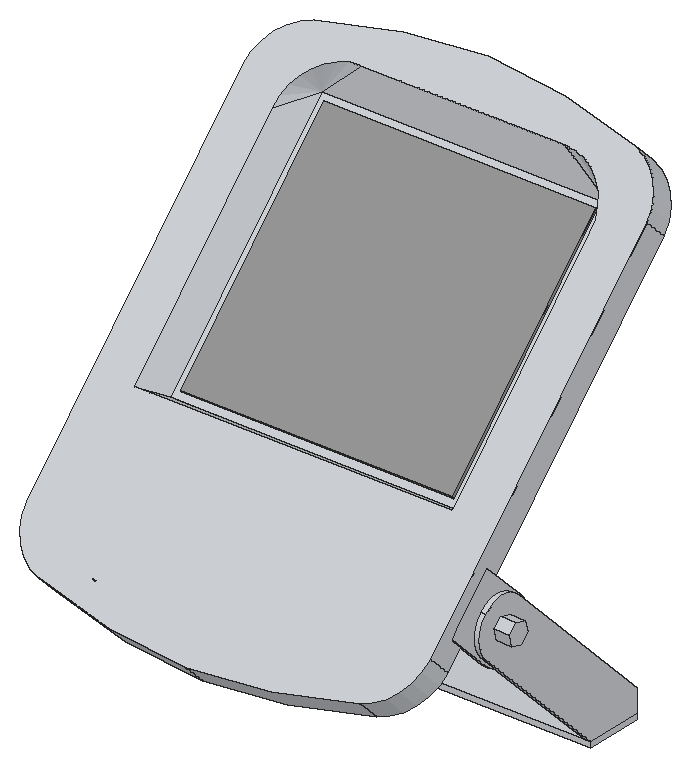
Revit family "0056705", category Generic Models, host Face, Revit 2018
Family settings
  Host = Face
  Can host rebar = No
  Round Connector Dimension = Use Diameter
  Part Type = Normal
  OmniClass Number = 23.80.70.00
  OmniClass Title = Lighting
  Cut with Voids When Loaded = No
  Shared = No
  Room Calculation Point = No
Parameters (values of type "Type Name")
  Width = 40 mm
  URL = "http://www.sylvania-lighting.com"
  Type Image = <None>
  Type Comments = "n/a"
  Material_3_SYL = none
  Model = ""
  Manufacturer = "Feilo Sylvania"
  Length = 313 mm
  Keynote = ""
  Material_2_SYL = none
  Description = ""
  Default Elevation = 1219.2 mm
  Cost = 0
  Material_1_SYL = none
  Assembly Code = ""
  Material_4_SYL = none
Reference planes
  plane 1 "Center (Front/Back)": y = 0
  plane 2: z = 0
  plane 3 "Center (Left/Right)": x = 0
  plane 4: y = 20
  plane 5: y = -20
  plane 6: x = -156.5
  plane 7: x = 156.5
  plane 8: y = 46
  plane 9: z = 200
  plane 10: through (0, -20, 4) normal (0, 0.7071, 0.7071)
  plane 11: through (0, 28.284, 12.284) normal (0, 0.7071, 0.7071)
  plane 12: z = 180
  plane 13: through (0, 7.834, 4.45) normal (0, 0.7071, 0.7071)
  plane 14: through (0, -70.356, 137.359) normal (0, -0.7071, 0.7071)
  plane 15: z = 126
  plane 16: z = 110
  plane 17: through (0, -97.716, 110) normal (0, -0.7071, 0.7071)
  plane 18: through (0, -86.18, 149.82) normal (0, -0.7071, 0.7071)
  plane 19: x = 141
  plane 20: x = -141
Forms (mm)
  Extrusion 1, solid, detail levels medium+fine
    sketch origin (0, 0, 0) x (1, 0, 0) y (0, 1, 0)
      loop
        line (-145, 20) -> (-145, -20) -> (145, -20) -> (145, 20) -> (-145, 20)
    from 0 to 4
  Extrusion 2, solid, detail levels medium+fine
    sketch origin (25.482, 1524, 1219.2) x (0, 1, 0) y (0, 0, 1)
      loop
        arc (-1607.574, -1095.058) -> (-1621.716, -1089.2) -> (-1635.858, -1095.058) r 20
        arc (-1635.858, -1095.058) -> (-1641.716, -1109.2) -> (-1635.858, -1123.342) r 20
        line (-1635.858, -1123.342) -> (-1544, -1215.2) -> (-1504, -1215.2) -> (-1504, -1198.631) -> (-1607.574, -1095.058)
    from -166.482 to -170.482
  Extrusion 3, solid, detail levels fine
    sketch origin (-37.5, 1594, 1149.2) x (0, 1, 0) y (0, 0, 1)
      loop
        line (-1686.059, -1033.543) -> (-1693.786, -1031.473) -> (-1699.443, -1037.129) -> (-1697.373, -1044.857) -> (-1689.645, -1046.927) -> (-1683.988, -1041.271) -> (-1686.059, -1033.543)
    from -119 to -107.5
  Revolve 4, solid, detail levels medium
    sketch origin (1528.249, -97.584, 1149.178) x (1, 0, 0) y (0, 0, 1)
      loop
        line (-1387.261, -1019.2) -> (-1389.823, -1019.2) -> (-1389.823, -1039.2) -> (-1387.261, -1039.2) -> (-1387.261, -1019.2)
      axis (-1389.823, -1039.2) -> (-1387.261, -1039.2)
    angle from 44.646 to 224.921
  Extrusion 5, solid, detail levels medium+fine
    sketch origin (319, 1524, 1219.2) x (0, 1, 0) y (0, 0, 1)
      loop
        arc (-1607.574, -1095.058) -> (-1621.716, -1089.2) -> (-1635.858, -1095.058) r 20
        arc (-1635.858, -1095.058) -> (-1641.716, -1109.2) -> (-1635.858, -1123.342) r 20
        line (-1635.858, -1123.342) -> (-1544, -1215.2) -> (-1504, -1215.2) -> (-1504, -1198.631) -> (-1607.574, -1095.058)
    from -178 to -174
  Extrusion 6, solid, detail levels fine
    sketch origin (286.5, 1594, 1149.2) x (0, 1, 0) y (0, 0, 1)
      loop
        line (-1686.059, -1033.543) -> (-1693.786, -1031.473) -> (-1699.443, -1037.129) -> (-1697.373, -1044.857) -> (-1689.645, -1046.927) -> (-1683.988, -1041.271) -> (-1686.059, -1033.543)
    from -141.5 to -130
  Extrusion 7, solid, detail levels coarse
    sketch origin (0, 0, 0) x (1, 0, 0) y (0, 1, 0)
      loop
        line (-156.5, 20) -> (-156.5, -117.774) -> (156.5, -117.774) -> (156.5, 20) -> (-156.5, 20)
    from 0 to 129.969
Dimensions and locks
  "Width": plane 4 to plane 5
  equal spacing: plane 4, plane 1 "Center (Front/Back)", plane 5
  "Length": plane 6 to plane 7
  equal spacing: plane 6, plane 3 "Center (Left/Right)", plane 7
  aligned and locked: plane 2 to host face
  aligned and locked: level to host face
Automatic sketch dimensions
  host sketch curve to host sketch curve = 2438.4 mm  (x2)
  Extrusion 1 sketch curve to plane 5 = 0 mm
  plane 6 to Extrusion 1 sketch curve = 11.5 mm
  Extrusion 1 sketch curve to plane 7 = 11.5 mm
  Extrusion 1 sketch curve to plane 4 = 0 mm
  Extrusion 2 sketch curve to Extrusion 2 sketch curve = 0 mm  (x2)
  Extrusion 2 sketch curve to plane 10 = 0 mm  (x2)
  Extrusion 2 sketch curve to plane 14 = 0 mm  (x2)
  Extrusion 2 sketch curve to plane 13 = 0 mm  (x2)
  Extrusion 2 sketch curve to plane 18 = 0 mm
  Extrusion 2 sketch curve to plane 5 = 0 mm
  Extrusion 2 sketch curve to plane 4 = 0 mm
  Extrusion 2 sketch curve to plane 11 = 0 mm
  Extrusion 3 sketch curve to plane 14 = 0 mm  (x2)
  plane 16 to Extrusion 3 sketch curve = 2.071 mm
  Extrusion 3 sketch curve to plane 5 = 85.443 mm
  Extrusion 3 sketch curve to plane 16 = 5.657 mm
  plane 16 to Extrusion 3 sketch curve = 7.727 mm
  Extrusion 3 sketch curve to Extrusion 3 sketch curve = 5.657 mm
  Extrusion 3 sketch curve to plane 16 = 7.727 mm
  Extrusion 3 sketch curve to Extrusion 3 sketch curve = 7.727 mm
  plane 16 to Extrusion 3 sketch curve = 5.657 mm
  Extrusion 3 sketch curve to plane 16 = 2.071 mm
  Extrusion 3 sketch curve to Extrusion 3 sketch curve = 2.071 mm
  Revolve 4 sketch curve to plane 7 = 18.074 mm
  Revolve 4 sketch curve to Revolve 4 sketch curve = 2.562 mm
  Revolve 4 sketch curve to plane 12 = 70.022 mm  (x2)
  Revolve 4 sketch curve to plane 9 = 70.022 mm
  Revolve 4 sketch curve to Revolve 4 sketch curve = 10.088 mm
  plane 7 to Revolve 4 sketch curve = 24.576 mm
  Extrusion 5 sketch curve to Extrusion 5 sketch curve = 0 mm  (x2)
  Extrusion 5 sketch curve to plane 10 = 0 mm  (x2)
  Extrusion 5 sketch curve to plane 14 = 0 mm  (x2)
  Extrusion 5 sketch curve to plane 13 = 0 mm  (x2)
  Extrusion 5 sketch curve to plane 18 = 0 mm
  Extrusion 5 sketch curve to plane 5 = 0 mm
  Extrusion 5 sketch curve to plane 4 = 0 mm
  Extrusion 5 sketch curve to plane 11 = 0 mm
  Extrusion 6 sketch curve to plane 14 = 0 mm  (x2)
  plane 16 to Extrusion 6 sketch curve = 2.071 mm
  Extrusion 6 sketch curve to plane 5 = 85.443 mm
  Extrusion 6 sketch curve to plane 16 = 5.657 mm
  plane 16 to Extrusion 6 sketch curve = 7.727 mm
  Extrusion 6 sketch curve to Extrusion 6 sketch curve = 5.657 mm
  Extrusion 6 sketch curve to plane 16 = 7.727 mm
  Extrusion 6 sketch curve to Extrusion 6 sketch curve = 7.727 mm
  plane 16 to Extrusion 6 sketch curve = 5.657 mm
  Extrusion 6 sketch curve to plane 16 = 2.071 mm
  Extrusion 6 sketch curve to Extrusion 6 sketch curve = 2.071 mm
  Extrusion 7 sketch curve to plane 6 = 0 mm
  Extrusion 7 sketch curve to plane 7 = 0 mm
  Extrusion 7 sketch curve to plane 4 = 0 mm
  Extrusion 7 sketch curve to plane 5 = 97.774 mm
Nested families
  nested 1: "0056705" at (0, -30.302, 178.096) x (1, 0, 0) z (0, -0.7115, 0.7027), type "0056705 KALANI IP66 21KLM 830 ASYM"
    with built-in parameter 1114216 (empty or 0)
Definition of nested family "0056705"
  Parameters (values of type "0056705 KALANI IP66 21KLM 830 ASYM")
    width = 282 mm
    height = 376 mm
    Wattage Comments = "n/a"
    Wattage = 9.2903 W
    built-in parameter 1150110 = 1 (stored number, unit not read)
    URL = "0.95"
    Type Image = (empty or 0)
    Type Comments = "n/a"
    built-in parameter 1114217 = 1 (stored number, unit not read)
    Tilt Angle = 90.00°
    built-in parameter 1150109 = 1 (stored number, unit not read)
    built-in parameter 1150134 = 3
    built-in parameter 1150113 = 1 (stored number, unit not read)
    Photometric Web File = "0056705.IES"
    Material_3_SYL = none
    Model = "Kalani IP66 21KLM 830 ASYM"
    Manufacturer = ""
    built-in parameter 1150105 = 109.82 (stored number, unit not read)
    Lumens = 1380 lm
    built-in parameter 1150115 = 1 (stored number, unit not read)
    built-in parameter 1150137 = (empty or 0)
    built-in parameter 1150139 = (empty or 0)
    built-in parameter 1150112 = 1 (stored number, unit not read)
    built-in parameter 1150114 = 1 (stored number, unit not read)
    Lamp = "n/a"
    Keynote = "n/a"
    Material_2_SYL = none
    built-in parameter 1150132 = (empty or 0)
    built-in parameter 1150102 = (empty or 0)
    built-in parameter 1150107 = 3200 (stored number, unit not read)
    built-in parameter 1150138 = (empty or 0)
    built-in parameter 1150106 = 1.0982 (stored number, unit not read)
    built-in parameter 1150104 = 13.8 (stored number, unit not read)
    Dimming Lamp Color Temperature Shift = (empty or 0)
    Description = "Exterior LED Floodlight, comes complete with 1000mm flying lead and adjustable bracket, aluminium housing, clear glass diffuser, IP66, IK08, Class I, 3000K, CRI80, Non-dimmable, 20800lm, 150W, 139lm/W, Asymmetrical Wide beam, 100.000hrs L70B50 lifespan, 404 x 313 x 73mm (LxWxD) dimensions, 3.7kg weight, RAL9017 Traffic Black color."
    Default Elevation = 1219.2 mm
    Cost = 0
    Color Filter = 16777215
    built-in parameter 1114216 [instance] = (empty or 0)
    Material_1_SYL = none
    built-in parameter 1114218 = 1 (stored number, unit not read)
    built-in parameter 1150133 = 10 (stored number, unit not read)
    Assembly Code = "D5020200"
    Apparent Load = 150 VA
    Material_4_SYL = none
  Reference planes
    plane 1 "Center (Front/Back)": y = 0
    plane 2: z = 0
    plane 3 "Center (Left/Right)": x = 0
    plane 4: z = -29.6
    plane 5: x = -141
    plane 6: x = 141
    plane 7: y = 188
    plane 8: y = -188
    plane 9: z = 43.4
    plane 10: x = -126
    plane 11: x = 126
    plane 12: y = 173
    plane 13: y = -173
    plane 14: y = 158
    plane 15: y = 117
    plane 16: y = 139.6
    plane 17: z = 4.4
    plane 18: y = -53
    plane 19: x = -111
    plane 20: x = 111
    plane 21: x = -100
    plane 22: x = 100
    plane 23: y = 134.6
    plane 24: y = -48
    plane 25: x = -95
    plane 26: y = -43
    plane 27: x = 95
    plane 28: y = -118
    plane 29: y = -74
    plane 30: z = -13.6
    plane 31: z = 13.6
    plane 32: y = -96
    plane 33: z = 33.4
    plane 34: z = -7.6
    plane 35: y = -111
    plane 36: y = -81
    plane 37: z = -15
  Forms (mm)
    Extrusion 1, solid
      sketch origin (4.2, 0, 0) x (1, 0, 0) y (0, 1, 0)
        loop
          line (-1219.2, 1219.2) -> (-1219.2, -1219.2) -> (1219.2, -1219.2) -> (1219.2, 1219.2) -> (-1219.2, 1219.2)
      from 0 to -68.017
    Extrusion 2, solid, detail levels medium+fine
      sketch origin (0, 0, 0) x (1, 0, 0) y (0, 1, 0)
        loop
          line (-141, 134.5) -> (-141, -133.817)
          arc (-141, -133.817) -> (-132.509, -157.027) -> (-112, -170.817) r 40
          arc (-112, -170.817) -> (-56.544, -182.758) -> (0, -187.317) r 431.297
          arc (0, -187.317) -> (56.544, -182.758) -> (112, -170.817) r 431.297
          arc (112, -170.817) -> (132.509, -157.027) -> (141, -133.817) r 40
          line (141, -133.817) -> (141, 134.5)
          arc (141, 134.5) -> (132.509, 157.71) -> (112, 171.5) r 40
          arc (112, 171.5) -> (56.544, 183.441) -> (0, 188) r 431.297
          arc (0, 188) -> (-56.544, 183.441) -> (-112, 171.5) r 431.297
          arc (-112, 171.5) -> (-132.509, 157.71) -> (-141, 134.5) r 40
      from 43.4 to 22.4
    Extrusion 3, solid, detail levels medium+fine
      sketch origin (0, 0, 0) x (1, 0, 0) y (0, 1, 0)
        loop
          line (-126, 117) -> (-126, -116.317)
          arc (-126, -116.317) -> (-115.75, -141.305) -> (-94, -157.317) r 50
          arc (-94, -157.317) -> (-47.535, -168.169) -> (0, -172.317) r 335.382
          arc (0, -172.317) -> (47.535, -168.169) -> (94, -157.317) r 335.382
          arc (94, -157.317) -> (115.75, -141.305) -> (126, -116.317) r 50
          line (126, -116.317) -> (126, 117)
          arc (126, 117) -> (115.75, 141.988) -> (94, 158) r 50
          arc (94, 158) -> (47.535, 168.852) -> (0, 173) r 335.382
          arc (0, 173) -> (-47.535, 168.852) -> (-94, 158) r 335.382
          arc (-94, 158) -> (-115.75, 141.988) -> (-126, 117) r 50
      from 22.4 to -29.6
    Extrusion 4, void
      sketch origin (319, 1524, 1219.2) x (0, 1, 0) y (0, 0, 1)
        loop
          arc (-1351, -1196.8) -> (-1366.504, -1208.02) -> (-1384.4, -1214.8) r 72.626
          arc (-1384.4, -1214.8) -> (-1511.526, -1238.071) -> (-1640.317, -1248.8) r 1320.127
          line (-1640.317, -1248.8) -> (-1351, -1248.8) -> (-1351, -1196.8)
      from -504.943 to 20
    Extrusion 5, void
      sketch origin (319, 1524, 1219.2) x (0, 1, 0) y (0, 0, 1)
        loop
          line (-1696.317, -1196.8) -> (-1698.618, -1196.8) -> (-1698.618, -1251.372) -> (-1640.317, -1251.372) -> (-1640.317, -1248.8)
          arc (-1640.317, -1248.8) -> (-1678.351, -1233.606) -> (-1696.317, -1196.8) r 56.879
      from -464.029 to -128
    Extrusion 6, void
      sketch origin (0, 0, 0) x (1, 0, 0) y (0, 0, 1)
        loop
          line (-66.181, -32.641) -> (-66.181, -29.6)
          arc (-66.181, -29.6) -> (-106.382, -15.439) -> (-126, 22.4) r 57.902
          line (-126, 22.4) -> (-129, 22.4) -> (-129, -32.641) -> (-66.181, -32.641)
      from -236.51 to 190.923
    Extrusion 7, void
      sketch origin (0, 0, 0) x (-1, 0, 0) y (0, 0, -1)
        loop
          line (-66.181, 32.641) -> (-129, 32.641) -> (-129, -22.4) -> (-126, -22.4)
          arc (-126, -22.4) -> (-106.382, 15.439) -> (-66.181, 29.6) r 57.902
          line (-66.181, 29.6) -> (-66.181, 32.641)
      from -236.51 to 190.923
    Blend 8, void
      base sketch origin (0, 0, 0) x (1, 0, 0) y (0, 1, 0)
        loop
          arc (-71, 158) -> (-99.284, 146.284) -> (-111, 118) r 40
          line (-111, 118) -> (-111, -53) -> (111, -53) -> (111, 118)
          arc (111, 118) -> (99.284, 146.284) -> (71, 158) r 40
          line (71, 158) -> (-71, 158)
      top sketch origin (0, 0, 0) x (1, 0, 0) y (0, 1, 0)
        loop
          line (-100, -48) -> (100, -48) -> (100, 139.6) -> (-100, 139.6) -> (-100, -48)
      from 43.4 to 23.4
    Extrusion 9, solid, detail levels fine
      sketch origin (0, 0, 0) x (1, 0, 0) y (0, 1, 0)
        loop
          line (-95, 134.818) -> (-95, -43) -> (95, -43) -> (95, 134.818) -> (-95, 134.818)
      from 23.4 to 25.4
    Extrusion 10, solid, detail levels medium+fine
      sketch origin (319, 1524, 1219.2) x (0, 1, 0) y (0, 0, 1)
        loop
          line (-1598, -1185.8) -> (-1642, -1185.8) -> (-1642, -1226.8)
          arc (-1642, -1226.8) -> (-1635.556, -1242.356) -> (-1620, -1248.8) r 22
          arc (-1620, -1248.8) -> (-1604.444, -1242.356) -> (-1598, -1226.8) r 22
          line (-1598, -1226.8) -> (-1598, -1185.8)
      from -178 to -180
    Extrusion 11, solid, detail levels medium+fine
      sketch origin (-319, 1524, 1219.2) x (0, 1, 0) y (0, 0, -1)
        loop
          line (-1598, 1185.8) -> (-1598, 1226.8)
          arc (-1598, 1226.8) -> (-1604.444, 1242.356) -> (-1620, 1248.8) r 22
          arc (-1620, 1248.8) -> (-1635.556, 1242.356) -> (-1642, 1226.8) r 22
          line (-1642, 1226.8) -> (-1642, 1185.8) -> (-1598, 1185.8)
      from -178 to -180
    Extrusion 12, solid
      sketch origin (319, 1524, 1219.2) x (0, 1, 0) y (0, 0, 1)
        loop
          line (-1605, -1196.8) -> (-1635, -1196.8) -> (-1635, -1219.2)
          arc (-1635, -1219.2) -> (-1630.607, -1229.807) -> (-1620, -1234.2) r 15
          arc (-1620, -1234.2) -> (-1609.393, -1229.807) -> (-1605, -1219.2) r 15
          line (-1605, -1219.2) -> (-1605, -1196.8)
      from -458 to -180
    Extrusion 13, solid, detail levels coarse
      sketch origin (0, 0, 0) x (1, 0, 0) y (0, 1, 0)
        loop
          line (-141, 188) -> (-141, -188) -> (141, -188) -> (141, 188) -> (-141, 188)
      from -29.6 to 43.4
  Cuts and joins
    Extrusion 4, Extrusion 5, Extrusion 6, Extrusion 7, Blend 8 cuts Extrusion 3
    Extrusion 6, Extrusion 7, Blend 8 cuts Extrusion 2
  Dimensions and locks
    "width": plane 5 to plane 6
    equal spacing: plane 5, plane 3 "Center (Left/Right)", plane 6
    "height": plane 7 to plane 8
    equal spacing: plane 7, plane 1 "Center (Front/Back)", plane 8
    aligned and locked: plane 2 to Extrusion 1
    aligned and locked: level to Extrusion 1
  Automatic sketch dimensions
    Extrusion 1 sketch curve to Extrusion 1 sketch curve = 2438.4 mm  (x2)
    Extrusion 2 sketch curve to plane 5 = 0 mm
    Extrusion 2 sketch curve to plane 3 "Center (Left/Right)" = 0 mm  (x2)
    Extrusion 2 sketch curve to plane 6 = 0 mm
    Extrusion 2 sketch curve to plane 7 = 0 mm
    Extrusion 2 sketch curve to plane 21 = 1.027 mm  (x2)
    Extrusion 2 sketch curve to plane 3 "Center (Left/Right)" = 6.317 mm  (x2)
    plane 3 "Center (Left/Right)" to Extrusion 2 sketch curve = 6.317 mm  (x2)
    plane 22 to Extrusion 2 sketch curve = 1.027 mm  (x2)
    Extrusion 2 sketch curve to plane 23 = 0.1 mm  (x2)
    Extrusion 2 sketch curve to plane 23 = 1.565 mm  (x2)
    plane 28 to Extrusion 2 sketch curve = 14.352 mm  (x2)
    plane 28 to Extrusion 2 sketch curve = 15.817 mm  (x2)
    Extrusion 2 sketch curve to plane 8 = 55.25 mm
    Extrusion 2 sketch curve to Extrusion 2 sketch curve = 0 mm  (x3)
    plane 7 to Extrusion 2 sketch curve = 55.933 mm
    Extrusion 3 sketch curve to plane 10 = 0 mm
    Extrusion 3 sketch curve to plane 14 = 0 mm  (x2)
    Extrusion 3 sketch curve to plane 3 "Center (Left/Right)" = 0 mm  (x2)
    Extrusion 3 sketch curve to plane 11 = 0 mm
    Extrusion 3 sketch curve to plane 15 = 0 mm  (x2)
    Extrusion 3 sketch curve to plane 12 = 0 mm
    Extrusion 3 sketch curve to plane 15 = 5.775 mm  (x2)
    Extrusion 3 sketch curve to Extrusion 3 sketch curve = 49.665 mm  (x3)
    Extrusion 3 sketch curve to plane 28 = 7.458 mm  (x2)
    plane 25 to Extrusion 3 sketch curve = 18.665 mm
    Extrusion 3 sketch curve to plane 3 "Center (Left/Right)" = 5.315 mm  (x2)
    plane 3 "Center (Left/Right)" to Extrusion 3 sketch curve = 5.315 mm  (x2)
    Extrusion 3 sketch curve to plane 28 = 1.683 mm  (x2)
    plane 14 to Extrusion 3 sketch curve = 5.022 mm  (x2)
    plane 25 to Extrusion 3 sketch curve = 1 mm
    Extrusion 4 sketch curve to plane 4 = 0 mm
    Extrusion 4 sketch curve to plane 16 = 0 mm  (x2)
    Extrusion 4 sketch curve to plane 12 = 0 mm
    Extrusion 4 sketch curve to plane 17 = 0 mm
    plane 15 to Extrusion 4 sketch curve = 6.042 mm
    Extrusion 4 sketch curve to plane 28 = 1.683 mm
    plane 13 to Extrusion 4 sketch curve = 11.616 mm
    Extrusion 5 sketch curve to plane 4 = 0 mm
    Extrusion 5 sketch curve to plane 13 = 1.618 mm
    plane 13 to Extrusion 5 sketch curve = 0.683 mm
    Extrusion 5 sketch curve to plane 28 = 1.683 mm
    Extrusion 5 sketch curve to plane 28 = 2.352 mm
    Extrusion 5 sketch curve to Extrusion 5 sketch curve = 2.572 mm
    plane 31 to Extrusion 5 sketch curve = 8.8 mm
    Extrusion 6 sketch curve to plane 10 = 0 mm
    Extrusion 6 sketch curve to plane 4 = 0 mm
    Extrusion 6 sketch curve to plane 10 = 3 mm
    Extrusion 6 sketch curve to plane 33 = 5.14 mm
    Extrusion 6 sketch curve to Extrusion 6 sketch curve = 57.605 mm
    Extrusion 6 sketch curve to plane 4 = 3.041 mm
    plane 25 to Extrusion 6 sketch curve = 28.819 mm
    Extrusion 7 sketch curve to plane 11 = 0 mm
    Extrusion 7 sketch curve to plane 4 = 0 mm
    Extrusion 7 sketch curve to plane 11 = 3 mm
    plane 33 to Extrusion 7 sketch curve = 5.14 mm
    Extrusion 7 sketch curve to Extrusion 7 sketch curve = 57.605 mm
    plane 4 to Extrusion 7 sketch curve = 3.041 mm
    plane 27 to Extrusion 7 sketch curve = 28.819 mm
    Blend 8 sketch curve to plane 18 = 0 mm
    Blend 8 sketch curve to plane 19 = 0 mm
    Blend 8 sketch curve to plane 14 = 0 mm
    Blend 8 sketch curve to plane 20 = 0 mm
    plane 15 to Blend 8 sketch curve = 1 mm
    Blend 8 sketch curve to plane 27 = 24 mm
    plane 16 to Blend 8 sketch curve = 0 mm
    Blend 8 sketch curve to plane 21 = 0 mm
    Blend 8 sketch curve to plane 22 = 0 mm
    Blend 8 sketch curve to plane 24 = 0 mm
    Extrusion 9 sketch curve to plane 25 = 0 mm
    Extrusion 9 sketch curve to plane 26 = 0 mm
    Extrusion 9 sketch curve to plane 27 = 0 mm
    plane 23 to Extrusion 9 sketch curve = 0.218 mm
    Extrusion 10 sketch curve to Extrusion 10 sketch curve = 0 mm  (x2)
    Extrusion 10 sketch curve to plane 28 = 0 mm
    Extrusion 10 sketch curve to plane 32 = 0 mm
    Extrusion 10 sketch curve to plane 4 = 0 mm
    Extrusion 10 sketch curve to plane 33 = 0 mm
    Extrusion 11 sketch curve to Extrusion 11 sketch curve = 0 mm  (x2)
    Extrusion 11 sketch curve to plane 28 = 0 mm
    Extrusion 11 sketch curve to plane 32 = 0 mm
    Extrusion 11 sketch curve to plane 33 = 0 mm
    Extrusion 11 sketch curve to plane 34 = 0 mm
    Extrusion 12 sketch curve to Extrusion 12 sketch curve = 0 mm
    Extrusion 12 sketch curve to level = 0 mm
    Extrusion 12 sketch curve to plane 32 = 0 mm
    Extrusion 12 sketch curve to plane 36 = 0 mm
    plane 31 to Extrusion 12 sketch curve = 8.8 mm
    Extrusion 13 sketch curve to plane 5 = 0 mm
    Extrusion 13 sketch curve to plane 6 = 0 mm
    Extrusion 13 sketch curve to plane 8 = 0 mm
    Extrusion 13 sketch curve to plane 7 = 0 mm
  Connectors
    electrical at (0, 0, 0), driven by "Apparent Load"
      settings: index 1, voltage 230 V, apparent load 150 VA, apparent load phase1 0 VA, apparent load phase2 0 VA, apparent load phase3 0 VA, power factor 0, load classification none, number of poles 1, system type 30, power factor state 1, is connector primary yes, connector utility no, sub classification motor no, connector description ""
